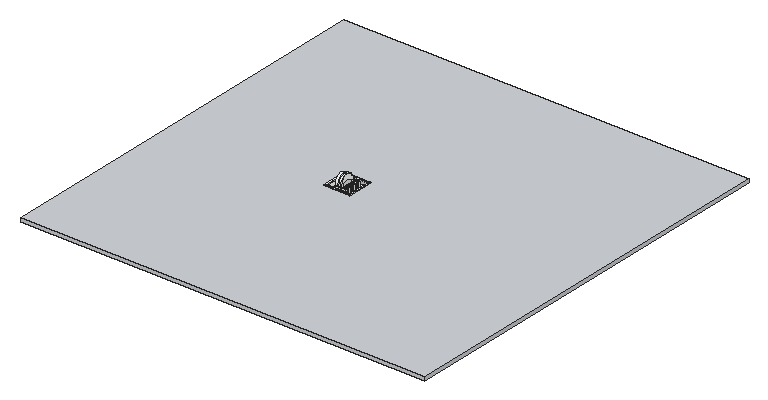
Revit family "Zumtobel INT M LC", category Lighting Fixtures, host Face, Revit 2016
Family settings
  Host = Face
  Part Type = Normal
  Round Connector Dimension = Use Diameter
  OmniClass Number = 23.80.70.11
  OmniClass Title = Luminaries for Internal Lighting
  Cut with Voids When Loaded = No
  Light Source = Yes
  Shared = No
  Room Calculation Point = No
Parameters (values of type "INT M LC")
  Width = 180 mm  # constant formula
  Wattage Comments = ""
  Wattage = 15.9955 W
  built-in parameter 1150110 = 1 (stored number, unit not read)
  Voltage = 0 V
  URL = "http://www.zumtobel.com/60210784"
  Type Comments = "© Zumtobel. We reserve the right to make technical changes without prior notice."  # constant formula
  built-in parameter 1114217 = 1 (stored number, unit not read)
  Tilt Angle = 90.00°
  built-in parameter 1150109 = 1 (stored number, unit not read)
  built-in parameter 1150134 = 3
  built-in parameter 1150113 = 1 (stored number, unit not read)
  Reflector = ZG_Self_llumination_Opaque
  Photometric Web File = "60210784_(STD_LEO).IES"
  built-in parameter 1150105 = 4211.9 (stored number, unit not read)
  Lumens = 2376 lm
  built-in parameter 1150115 = 1 (stored number, unit not read)
  built-in parameter 1150137 = (empty or 0)
  built-in parameter 1150139 = (empty or 0)
  built-in parameter 1150112 = 1 (stored number, unit not read)
  built-in parameter 1150114 = 1 (stored number, unit not read)
  built-in parameter 1150132 = 2
  built-in parameter 1150102 = (empty or 0)
  built-in parameter 1150107 = 3200 (stored number, unit not read)
  built-in parameter 1150138 = (empty or 0)
  built-in parameter 1150106 = 42.119 (stored number, unit not read)
  Height = 180 mm  # constant formula
  Emit from Circle Diameter = 110 mm  # constant formula
  Emit Shape Visible in Rendering = no
  built-in parameter 1150104 = 13.8 (stored number, unit not read)
  Dimming Lamp Color Temperature Shift = <None>
  Depth = 98 mm  # constant formula
  Model = "60210784"
  Manufacturer = "Zumtobel Lighting"  # constant formula
  Lamp = ""
  Description = "Ceiling recressed LED luminaire"  # constant formula
  Default Elevation = 0 mm
  Color Filter = 16777215
  Body = ZG_Metal_White
  built-in parameter 1114218 = 1 (stored number, unit not read)
  built-in parameter 1150133 = 10 (stored number, unit not read)
  Assembly Code = "D5020200"
  Apparent Load = 43 VA
Reference planes
  plane 1 "Center (Front/Back)": y = 0
  plane 2 "Bottom": z = 0
  plane 3 "Center (Left/Right)": x = -735.5
  plane 4: x = -822.26
  plane 5: x = -648.74
  plane 6: y = 85
  plane 7: y = -85
  plane 8: y = -155
  plane 9: y = 545
  plane 10: x = -892.26
  plane 11: x = -192.26
  plane 12: z = -25
  plane 13: z = -225
  plane 14: z = 61.767
Forms (mm)
  Extrusion 1, solid
    sketch origin (123, 0, 0) x (1, 0, 0) y (0, 1, 0)
      loop
        line (-2085.5, 1500) -> (-2085.5, -1500) -> (914.5, -1500) -> (914.5, 1500) -> (-2085.5, 1500)
    from 0 to -25
  Extrusion 2, solid, material "ZG_Metal_White" <- "Body"
    sketch origin (0, 0, 0) x (1, 0, 0) y (0, 1, 0)
      loop
        line (-822.26, 85) -> (-822.26, -85) -> (-648.74, -85) -> (-648.74, 85) -> (-822.26, 85)
      loop
        line (-832.26, 95) -> (-832.26, -95) -> (-638.74, -95) -> (-638.74, 95) -> (-832.26, 95)
    from 0 to 3
  Extrusion 3, void
    sketch origin (0, 0, 0) x (1, 0, 0) y (0, 1, 0)
      loop
        line (-822.26, 85) -> (-822.26, -85) -> (-648.74, -85) -> (-648.74, 85) -> (-822.26, 85)
    from -25 to 0
  Extrusion 4, void
    sketch origin (0, 0, 0) x (1, 0, 0) y (0, 1, 0)
      loop
        line (-892.26, 545) -> (-892.26, -155) -> (-192.26, -155) -> (-192.26, 545) -> (-892.26, 545)
    from -225 to -25
  Extrusion 5, solid, material "ZG_Metal_White" <- "Body"
    sketch origin (0, 0, 0) x (1, 0, 0) y (0, 0, 1)
      loop
        line (-814.922, -48.214) -> (-656.078, -48.214) -> (-645.5, 0) -> (-648.74, 0) -> (-658.518, -45.892) -> (-812.482, -45.892) -> (-822.26, 0) -> (-825.5, 0) -> (-814.922, -48.214)
    from -65.5 to -95
  Extrusion 6, solid, material "ZG_Metal_White" <- "Body"
    sketch origin (0, 0, 0) x (1, 0, 0) y (0, 0, 1)
      loop
        line (-814.922, -48.214) -> (-808.232, -55.283) -> (-662.768, -55.283) -> (-656.078, -48.214) -> (-814.922, -48.214)
    from 82 to 85
  Extrusion 7, solid, material "ZG_Metal_White" <- "Body"
    sketch origin (0, 0, 0) x (1, 0, 0) y (0, 0, -1)
      loop
        line (-814.922, 48.214) -> (-656.078, 48.214) -> (-662.768, 55.283) -> (-808.232, 55.283) -> (-814.922, 48.214)
    from 82 to 85
  Extrusion 8, solid, material "ZG_Metal_White" <- "Body"
    sketch origin (0, -150.5, 0) x (1, 0, 0) y (0, 0, 1)
      loop
        line (-814.922, -48.214) -> (-656.078, -48.214) -> (-645.5, 0) -> (-648.74, 0) -> (-658.518, -45.892) -> (-812.482, -45.892) -> (-822.26, 0) -> (-825.5, 0) -> (-814.922, -48.214)
    from -65.5 to -85
  Extrusion 9, solid, material "ZG_Metal_White" <- "Body"
    sketch origin (0, -131, 0) x (1, 0, 0) y (0, 0, 1)
      loop
        line (-814.922, -48.214) -> (-780.756, -48.214) -> (-780.756, -45.892) -> (-812.482, -45.892) -> (-822.26, 0) -> (-825.5, 0) -> (-814.922, -48.214)
      loop
        line (-658.518, -45.892) -> (-690.244, -45.892) -> (-690.244, -48.214) -> (-656.078, -48.214) -> (-645.5, 0) -> (-648.74, 0) -> (-658.518, -45.892)
    from -65.5 to -196.5
  Extrusion 10, solid, material "ZG_Metal_White" <- "Body"
    sketch origin (-770.205, 0, -67.384) x (-0.087156, 0, 0.996195) y (0, -1, 0)
      loop
        circle (70.533, 0) r 60
    from 0 to 20
  Extrusion 11, solid, material "ZG_Metal_White" <- "Body"
    sketch origin (-750.282, 0, -65.641) x (-0.087156, 0, 0.996195) y (0, -1, 0)
      loop
        circle (70.533, 0) r 60
      loop
        circle (70.533, 0) r 55
    from 0 to 20
  Extrusion 12, solid, material "ZG_Metal_White" <- "Body"
    sketch origin (-750.282, 0, -65.641) x (-0.087156, 0, 0.996195) y (0, -1, 0)
      loop
        circle (70.533, 0) r 55
      loop
        arc (84.614, 35.021) -> (70.533, 38.192) -> (56.452, 35.021) r 32.853
        arc (56.452, 35.021) -> (48.487, 0) -> (56.452, -35.021) r 80.967
        arc (56.452, -35.021) -> (70.533, -38.192) -> (84.614, -35.021) r 32.853
        arc (84.614, -35.021) -> (92.579, 0) -> (84.614, 35.021) r 80.967
    from 0 to 20
  Extrusion 13, solid, material "ZG_Self_llumination_Opaque" <- "Reflector"
    sketch origin (-750.282, 0, -65.641) x (-0.087156, 0, 0.996195) y (0, -1, 0)
      loop
        arc (84.614, 35.021) -> (70.533, 38.192) -> (56.452, 35.021) r 32.853
        arc (56.452, 35.021) -> (48.487, 0) -> (56.452, -35.021) r 80.967
        arc (56.452, -35.021) -> (70.533, -38.192) -> (84.614, -35.021) r 32.853
        arc (84.614, -35.021) -> (92.579, 0) -> (84.614, 35.021) r 80.967
    from 0 to 20
  Extrusion 14, solid, material "ZG_Metal_White" <- "Body"
    sketch origin (0, 0, 0) x (1, 0, 0) y (0, 1, 0)
      loop
        line (-694.5, 62.5) -> (-776.5, 62.5) -> (-776.5, 56.217) -> (-726.1, 54.717) -> (-726.1, 49.724) -> (-776.5, 48.224) -> (-776.5, 44.557) -> (-726.1, 43.057) -> (-726.1, 38.064) -> (-776.5, 36.564) -> (-776.5, 32.897) -> (-726.1, 31.397) -> (-726.1, 26.404) -> (-776.5, 24.904) -> (-776.5, 21.237) -> (-726.1, 19.737) -> (-726.1, 14.744) -> (-776.5, 13.244) -> (-776.5, 9.577) -> (-726.1, 8.077) -> (-726.1, 3.084) -> (-776.5, 1.584) -> (-776.5, -1.584) -> (-726.1, -3.084) -> (-726.1, -8.077) -> (-776.5, -9.577) -> (-776.5, -13.244) -> (-726.1, -14.744) -> (-726.1, -19.737) -> (-776.5, -21.237) -> (-776.5, -24.904) -> (-726.1, -26.404) -> (-726.1, -31.397) -> (-776.5, -32.897) -> (-776.5, -36.564) -> (-726.1, -38.064) -> (-726.1, -43.057) -> (-776.5, -44.557) -> (-776.5, -48.224) -> (-726.1, -49.724) -> (-726.1, -54.717) -> (-776.5, -56.217) -> (-776.5, -62.5) -> (-694.5, -62.5) -> (-694.5, -56.217) -> (-719.5, -54.717) -> (-719.5, -49.724) -> (-694.5, -48.224) -> (-694.5, -44.557) -> (-719.5, -43.057) -> (-719.5, -38.064) -> (-694.5, -36.564) -> (-694.5, -32.897) -> (-719.5, -31.397) -> (-719.5, -26.404) -> (-694.5, -24.904) -> (-694.5, -21.237) -> (-719.5, -19.737) -> (-719.5, -14.744) -> (-694.5, -13.244) -> (-694.5, -9.577) -> (-719.5, -8.077) -> (-719.5, -3.084) -> (-694.5, -1.584) -> (-694.5, 1.584) -> (-719.5, 3.084) -> (-719.5, 8.077) -> (-694.5, 9.577) -> (-694.5, 13.244) -> (-719.5, 14.744) -> (-719.5, 19.737) -> (-694.5, 21.237) -> (-694.5, 24.904) -> (-719.5, 26.404) -> (-719.5, 31.397) -> (-694.5, 32.897) -> (-694.5, 36.564) -> (-719.5, 38.064) -> (-719.5, 43.057) -> (-694.5, 44.557) -> (-694.5, 48.224) -> (-719.5, 49.717) -> (-719.5, 54.717) -> (-694.5, 56.217) -> (-694.5, 62.5)
    from -140 to 3
  Extrusion 15, void
    sketch origin (-735.5, 0, 0) x (0, -1, 0) y (0, 0, 1)
      loop
        circle (0, 3) r 62.5
    from -9.4 to 72.732
Cuts and joins
  joined: Extrusion 5, Extrusion 8, Extrusion 9
  Extrusion 15 cuts Extrusion 14
Dimensions and locks
  locked: plane 12 to plane 2 "Bottom" at 25
  locked: plane 13 to plane 12 at 200
  aligned and locked: plane 2 "Bottom" to Extrusion 1
  aligned and locked: level to Extrusion 1
  aligned and locked: plane 5 to Extrusion 3 sketch curve
  aligned and locked: plane 6 to Extrusion 3 sketch curve
  aligned and locked: plane 4 to Extrusion 3 sketch curve
  aligned and locked: plane 7 to Extrusion 3 sketch curve
  aligned and locked: plane 2 "Bottom" to Extrusion 3
  aligned and locked: Extrusion 3 to plane 12
  aligned and locked: Extrusion 4 sketch curve to plane 9
  aligned and locked: plane 10 to Extrusion 4 sketch curve
  aligned and locked: plane 8 to Extrusion 4 sketch curve
  aligned and locked: Extrusion 4 sketch curve to plane 11
  aligned and locked: Extrusion 4 to plane 13
  aligned and locked: plane 12 to Extrusion 4
Connectors
  electrical at (-735.5, 0, -48.214), driven by "Voltage", driven by "Apparent Load"
    settings: on cut or joined group of Extrusion 5, Extrusion 8, Extrusion 9, index 1, voltage 0 V, apparent load 43 VA, apparent load phase1 0 VA, apparent load phase2 0 VA, apparent load phase3 0 VA, power factor 1, load classification "Lighting", number of poles 1, system type 30, power factor state 1, is connector primary yes, connector utility no, sub classification motor no, connector description "Power"
